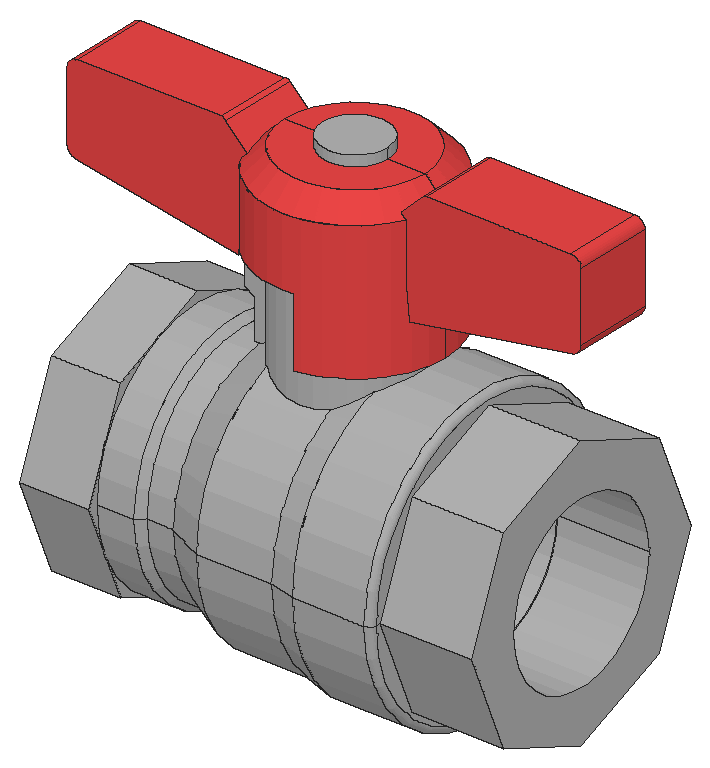
Revit family "QA01820000", category Apparecchi idraulici, Revit 2016
Family settings
  Tipo di parte = Normale
  Quota connettore circolare = Usa diametro
  Numero OmniClass = 23.45.00.00
  Titolo OmniClass = Sanitary, Laundry, and Cleaning Equipment
  Basato su piano di lavoro = No
  Sempre verticale = Sì
  Taglio con vuoti quando caricato = No
  Condiviso = No
  Punto di calcolo locali = No
Parameters
  URL = "https://web.cimberio.it/index.php/figura/1033?subcategoria_id=41693"
  DN Model [instance] = QA01821025 : QA01821025
  DN [instance] = 25 mm
Reference planes
  plane 1 "Centro (Fronte/Retro)": y = 0
  plane 2: z = 0
  plane 3 "Centro (Sinistra/Destra)": x = 0
Dimensions and locks
  aligned and locked: level to plane 2
Nested families
  nested 1: "QA01821025" at (0, 0, 0), type <- "DN Model", type "QA01821025"
  nested 2: "QA01821025" at (0, 0, 0), type <- "DN Model", type "QA01821025"
  nested 3: "QA01821025" at (0, 0, 0), type <- "DN Model", type "QA01821025"
  nested 4: "QA01821025" at (0, 0, 0), type <- "DN Model", type "QA01821025"
  nested 5: "QA01821025" at (0, 0, 0), type <- "DN Model", type "QA01821025"
  nested 6: "QA01821025" at (0, 0, 0), type <- "DN Model", type "QA01821025"
Connectors
  piping at (33, 0, 0), diameter 25, driven by "DN"
    settings: on nested 1, index 1, connector inside diameter 609.6 mm, connector length 0 mm, flow factor 0, pipe flow 0.0 L/s, pressure drop 0.0 Pa, fitting loss kfactor 0, connector angle 0.00°, fixture units 0, engagement length 0 mm, angle of deflection 0.00°, flow configuration 0, flow direction 0, fitting loss method 0, system type 7, joint type 0, gender type 0, connector reference index -1, connector utility 0, adjustable connector no, is connector primary yes, connector description ""
  piping at (-33, 0, 0), diameter 25, driven by "DN"
    settings: on nested 1, index 2, connector inside diameter 609.6 mm, connector length 0 mm, flow factor 0, pipe flow 0.0 L/s, pressure drop 0.0 Pa, fitting loss kfactor 0, connector angle 0.00°, fixture units 0, engagement length 0 mm, angle of deflection 0.00°, flow configuration 0, flow direction 0, fitting loss method 0, system type 7, joint type 0, gender type 0, connector reference index -1, connector utility 0, adjustable connector no, is connector primary no, connector description ""
Definition of nested family "QA01821025"
  Reference planes
    plane 1 "Centro (Fronte/Retro)": y = 0
    plane 2: z = 0
    plane 3 "Centro (Sinistra/Destra)": x = 0
  Forms (mm)
    Extrusion 1, solid
      sketch origin (0, 0, 23.55) x (1, 0, 0) y (0, 1, 0)
        loop
          circle (0, 0) r 10.25
        loop
          circle (0, 0) r 6.348
      from -11.092 to 15.409
    Extrusion 2, solid
      sketch origin (-1.996, 0, -0.045) x (1, 0, 0) y (0, 0, 1)
        loop
          line (-13, 30.345) -> (-13, 24.043) -> (-11.504, 23.179) -> (-11.504, 12.504) -> (-5.604, 12.504) -> (-5.604, 30.345) -> (-13, 30.345)
      from 0 to 1.497
    Extrusion 3, solid
      sketch origin (0, 0, 46.894) x (0, 1, 0) y (-1, 0, 0)
        loop
          circle (0, 0) r 4.75
      from 0 to 1.5
    Revolve 4, solid
      sketch origin (0, 0, -6.875) x (1, 0, 0) y (0, 0, 1)
        loop
          line (0, 53.806) -> (-10.244, 53.806) -> (-13.25, 50.8) -> (-13.25, 30.778) -> (-10.467, 30.778) -> (-10.467, 45.453) -> (0, 45.453) -> (0, 53.806)
        axis (0, 30.778) -> (0, 53.806)
      angle from 0 to 360
    Extrusion 5, void
      sketch origin (0, 0, 51.425) x (-1, 0, 0) y (0, 1, 0)
        loop
          line (14.025, 0) -> (10.467, 0)
          arc (10.467, 0) -> (6.812, -7.947) -> (-1.6, -10.344) r 10.467
          line (-1.6, -10.344) -> (-1.6, -13.934)
          arc (-1.6, -13.934) -> (9.334, -10.468) -> (14.025, 0) r 14.025
      from 17.5 to 31.018
    Extrusion 6, solid
      sketch origin (0, 0, -1.484) x (1, 0, 0) y (0, 0, 1)
        loop
          arc (-14.325, 49.208) -> (-14.649, 49.425) -> (-15.032, 49.501) r 1
          line (-15.032, 49.501) -> (-36.032, 49.501)
          arc (-36.032, 49.501) -> (-37.092, 49.062) -> (-37.532, 48.001) r 1.5
          line (-37.532, 48.001) -> (-37.532, 37.978)
          arc (-37.532, 37.978) -> (-37.181, 37.014) -> (-36.292, 36.501) r 1.5
          line (-36.292, 36.501) -> (-12.471, 32.301) -> (-11.124, 46.001) -> (-14.325, 49.208)
        loop
          line (14.325, 49.208) -> (11.124, 46.001) -> (12.471, 32.301) -> (36.292, 36.501)
          arc (36.292, 36.501) -> (37.181, 37.014) -> (37.532, 37.978) r 1.5
          line (37.532, 37.978) -> (37.532, 48.001)
          arc (37.532, 48.001) -> (37.092, 49.062) -> (36.032, 49.501) r 1.5
          line (36.032, 49.501) -> (15.032, 49.501)
          arc (15.032, 49.501) -> (14.649, 49.425) -> (14.325, 49.208) r 1
      from -5.938 to 5.674
    Revolve 7, solid
      sketch origin (0, 0, 0) x (0, 1, 0) y (-1, 0, 0)
        loop
          line (18.5, 17.5) -> (18.5, 23) -> (12.5, 23) -> (12.5, -19.5) -> (20.5, -19.5)
          arc (20.5, -19.5) -> (21.207, -19.207) -> (21.5, -18.5) r 1
          line (21.5, -18.5) -> (21.5, -8) -> (20.45, -4.081) -> (20.45, 6.85) -> (17.5, 12.6) -> (17.5, 16.5) -> (18.5, 17.5)
        axis (0, 23) -> (0, -19.5)
      angle from 0 to 360
    Extrusion 8, solid
      sketch origin (-16, 0, 0) x (0, 0, 1) y (0, 1, 0)
        loop
          circle (0, 0) r 12.458
        loop
          line (19.95, 0) -> (14.107, 14.107) -> (0, 19.95) -> (-14.107, 14.107) -> (-19.95, 0) -> (-14.107, -14.107) -> (0, -19.95) -> (14.107, -14.107) -> (19.95, 0)
      from 7 to 17
    Extrusion 9, solid
      sketch origin (16, 0, 0) x (0, 0, 1) y (0, -1, 0)
        loop
          circle (0, 0) r 12.458
        loop
          line (19.95, 0) -> (14.107, 14.107) -> (0, 19.95) -> (-14.107, 14.107) -> (-19.95, 0) -> (-14.107, -14.107) -> (0, -19.95) -> (14.107, -14.107) -> (19.95, 0)
      from 3.5 to 17
  Cuts and joins
    Extrusion 5 cuts Revolve 4
  Dimensions and locks
    aligned and locked: level to plane 2
